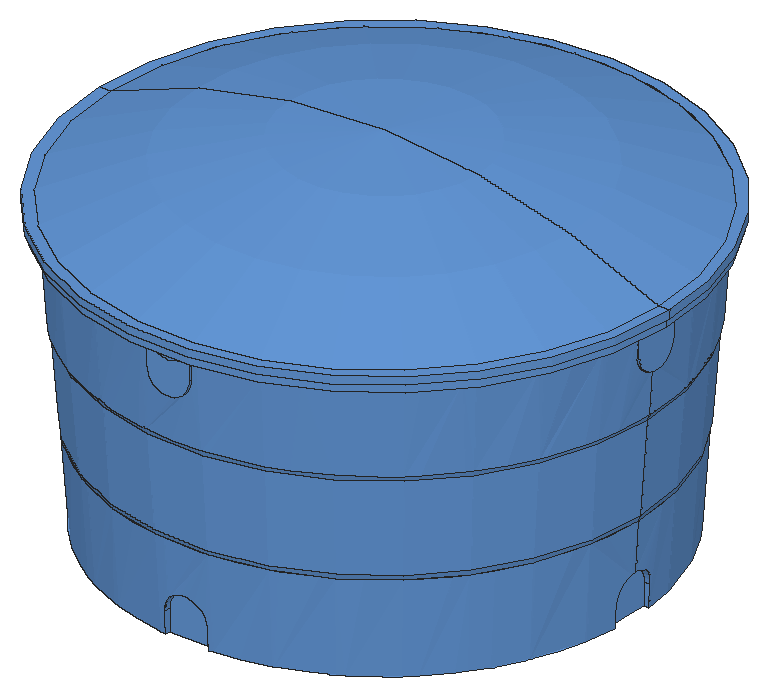
Revit family "Cxa_Agua_1000", category Plumbing Fixtures, Revit 2025
Family settings
  Round Connector Dimension = Use Diameter
  Part Type = Normal
  OmniClass Number = 23.27.29.19.11
  Work Plane-Based = No
  Enable Cutting in Views = No
  Always vertical = Yes
  Cut with Voids When Loaded = No
  Maintain Annotation Orientation = No
  Shared = No
  Room Calculation Point = No
Parameters (values of type "CxAgua_1000")
  Type IFC Predefined Type = "CONNECTOR"
  Material_Caixa = CT_PVC_Azul
  Export Type to IFC As = "IfcPipeFitting"
  Default Elevation = 0.000 m
  URL = "http://amancowavin.com.br/"
  Keynote = "15400"
  Type Comments = "Agua Fria Caixas d'Água"
  Model = ""
  Manufacturer = "Amanco Wavin"
  Description = "Caixa d'Água de Boca Aberta de 1000 Litros"
  Assembly Code = "D2020300"
  Amanco_Vida_Util = 50
  Amanco_Normas = "NBR 14.799 / NBR 14.800 / NBR 5626"
  Amanco_Código_Catálogo = "19212"
Reference planes (m)
  plane 1 "Center (Front/Back)": y = 0
  plane 2 "Base": z = 0
  plane 3 "Center (Left/Right)": x = -0.077842
  plane 4: z = 0.717
  plane 5: z = 0.66125
  plane 6: z = 0.05575
  plane 7 "Topo": z = 0.918992
Forms (m)
  Revolve 1, solid, material "CT_PVC_Azul"
    sketch origin (0, 0, 0) x (-1, 0, 0) y (0, 0, 1)
      loop
        line (0.077842, 0.739) -> (0.077842, 0) -> (0.727842, 0) -> (0.744569, 0.236) -> (0.749301, 0.249) -> (0.76756, 0.481) -> (0.772291, 0.494) -> (0.789842, 0.717) -> (0.817842, 0.717) -> (0.817842, 0.739) -> (0.077842, 0.739)
      axis (0.077842, 0) -> (0.077842, 0.739)
    angle from 0 to 360
  Revolve 2, solid, material "CT_PVC_Azul"
    sketch origin (0, 0, 0) x (-1, 0, 0) y (0, 0, 1)
      loop
        arc (0.797842, 0.759) -> (0.446624, 0.878518) -> (0.077842, 0.919) r 1.7
        line (0.077842, 0.919) -> (0.077842, 0.739) -> (0.825342, 0.739) -> (0.825342, 0.759) -> (0.797842, 0.759)
      axis (0.077842, 0.739) -> (0.077842, 0.919)
    angle from 0 to 360
  Revolve 3, solid, material "CT_PVC_Azul"
    sketch origin (0, 0, 0) x (-1, 0, 0) y (0, 0, 1)
      loop
        line (0.077842, 0.917) -> (0.077842, 0.759) -> (0.797842, 0.759) -> (0.077842, 0.917)
      axis (0.077842, 0.759) -> (0.077842, 0.917)
    angle from 0 to 360
  Extrusion 4, solid, material "CT_PVC_Azul"
    sketch origin (0, 0, 0) x (-1, 0, 0) y (0, 0, 1)
      loop
        line (0.134092, 0.66125) -> (0.134092, 0.717) -> (0.021592, 0.717) -> (0.021592, 0.66125)
        arc (0.021592, 0.66125) -> (0.077842, 0.605) -> (0.134092, 0.66125) r 0.05625
    from -0.709941 to 0.709941
  Extrusion 5, solid, material "CT_PVC_Azul"
    sketch origin (-0.077842, 0, 0) x (0, -1, 0) y (0, 0, 1)
      loop
        arc (-0.05625, 0.66125) -> (0, 0.605) -> (0.05625, 0.66125) r 0.05625
        line (0.05625, 0.66125) -> (0.05625, 0.717) -> (-0.05625, 0.717) -> (-0.05625, 0.66125)
    from -0.712 to 0.712
  Extrusion 6, void
    sketch origin (0, 0, 0) x (-1, 0, 0) y (0, 0, 1)
      loop
        arc (0.134092, 0.05575) -> (0.077842, 0.112) -> (0.021592, 0.05575) r 0.05625
        line (0.021592, 0.05575) -> (0.021592, 0) -> (0.134092, 0) -> (0.134092, 0.05575)
    from 0.635 to 0.712
  Extrusion 7, void
    sketch origin (0, 0, 0) x (-1, 0, 0) y (0, 0, -1)
      loop
        line (0.134092, -0.05575) -> (0.134092, 0) -> (0.021592, 0) -> (0.021592, -0.05575)
        arc (0.021592, -0.05575) -> (0.077842, -0.112) -> (0.134092, -0.05575) r 0.05625
    from 0.635 to 0.712
  Extrusion 8, void
    sketch origin (-0.077842, 0, 0) x (0, -1, 0) y (0, 0, 1)
      loop
        arc (0.05625, 0.05575) -> (0, 0.112) -> (-0.05625, 0.05575) r 0.05625
        line (-0.05625, 0.05575) -> (-0.05625, 0) -> (0.05625, 0) -> (0.05625, 0.05575)
    from 0.635 to 0.712
  Extrusion 9, void
    sketch origin (-0.077842, 0, 0) x (0, -1, 0) y (0, 0, -1)
      loop
        line (0.05625, -0.05575) -> (0.05625, 0) -> (-0.05625, 0) -> (-0.05625, -0.05575)
        arc (-0.05625, -0.05575) -> (0, -0.112) -> (0.05625, -0.05575) r 0.05625
    from 0.635 to 0.712
  Extrusion 10, solid, material "CT_PVC_Azul" <- "Material_Caixa"
    sketch origin (0.011647, 0.635, 0.009717) x (-1, 0, 0) y (0, 0, 1)
      loop
        circle (0.089759, 0.048679) r 0.032
    from 0 to 0.02
  Extrusion 11, void
    sketch origin (0, 0, 0) x (-1, 0, 0) y (0, 0, -1)
      loop
        line (0.134092, -0.05575) -> (0.134092, 0) -> (0.021592, 0) -> (0.021592, -0.05575)
        arc (0.021592, -0.05575) -> (0.077842, -0.112) -> (0.134092, -0.05575) r 0.05625
    from 0.635 to 0.665
  Extrusion 12, solid, material "CT_PVC_Azul" <- "Material_Caixa"
    sketch origin (0.011917, 0.635, 0.612571) x (-1, 0, 0) y (0, 0, 1)
      loop
        circle (0.089759, 0.048679) r 0.032
    from 0.074941 to 0.094941
Cuts and joins
  joined: Revolve 2, Revolve 3
  Extrusion 6, Extrusion 7, Extrusion 8, Extrusion 9, Extrusion 11 cuts Revolve 1
  Extrusion 11 cuts Extrusion 4
  Extrusion 11 cuts Extrusion 5
  joined: Revolve 1, Extrusion 4, Extrusion 5
  Extrusion 11 cuts Extrusion 10
Text (m)
  text "®  Wavin" at (-0.000074, 0.040744, 0), in view "Ref. Level"
Dimensions and locks (m)
  Revolve 1 sketch curve to plane 3 "Center (Left/Right)" = 0.740 m
  Revolve 1 sketch curve to plane 3 "Center (Left/Right)" = 0.712 m
  Revolve 2 sketch curve to plane 3 "Center (Left/Right)" = 0.7475 m
  Revolve 2 sketch curve to plane 3 "Center (Left/Right)" = 0.720 m
  Revolve 3 sketch curve to plane 3 "Center (Left/Right)" = 0.720 m
  equal spacing: Extrusion 4, plane 1 "Center (Front/Back)", Extrusion 4
  equal spacing: Extrusion 5 sketch curve, plane 1 "Center (Front/Back)", Extrusion 5 sketch curve
  Extrusion 5 sketch curve to Extrusion 5 sketch curve = 0.1125 m
  equal spacing: Extrusion 5, plane 3 "Center (Left/Right)", Extrusion 5
  Extrusion 5 to plane 3 "Center (Left/Right)" = 0.712 m
  plane 4 to Extrusion 5 sketch curve = 0.112 m
  equal spacing: Extrusion 4 sketch curve, plane 3 "Center (Left/Right)", Extrusion 4 sketch curve
  Extrusion 4 sketch curve to Extrusion 4 sketch curve = 0.1125 m
  plane 4 to Extrusion 4 sketch curve = 0.112 m
  equal spacing: Extrusion 6 sketch curve, plane 3 "Center (Left/Right)", Extrusion 6 sketch curve
  Extrusion 6 sketch curve to Extrusion 6 sketch curve = 0.1125 m
  Extrusion 6 sketch curve to cut or joined group 1 (Revolve 1, Extrusion 4, Extrusion 5, Extrusion 6, Extrusion 7, Extrusion 8, Extrusion 9, Extrusion 11) = 0.112 m
  Extrusion 7 sketch curve to Extrusion 7 sketch curve = 0.1125 m  (x2)
  Extrusion 6 to Extrusion 7 sketch curve = 0.112 m
  Revolve 1 sketch curve to plane 3 "Center (Left/Right)" = 0.650 m
  equal spacing: Extrusion 8 sketch curve, plane 1 "Center (Front/Back)", Extrusion 8 sketch curve
  Extrusion 8 sketch curve to Extrusion 8 sketch curve = 0.1125 m
  Extrusion 8 sketch curve to level = 0.112 m
  Extrusion 8 to plane 3 "Center (Left/Right)" = 0.635 m
  Extrusion 8 to plane 3 "Center (Left/Right)" = 0.712 m
  Extrusion 9 sketch curve to Extrusion 9 sketch curve = 0.1125 m  (x2)
  Extrusion 9 sketch curve to level = 0.112 m
  plane 3 "Center (Left/Right)" to Extrusion 9 = 0.635 m
  plane 3 "Center (Left/Right)" to Extrusion 9 = 0.712 m
  plane 6 to plane 2 "Base" = 0.05575 m
  locked: plane 7 "Topo" to level at 0.918992
  Extrusion 11 sketch curve to Extrusion 11 sketch curve = 0.1125 m  (x2)
  radius of Revolve 2 sketch curve = 1.700 m
  angle plane 3 "Center (Left/Right)" to Revolve 1 sketch curve = 4.50°  (x2)
  angle plane 3 "Center (Left/Right)" to Revolve 1 sketch curve = 20.00°  (x2)
  aligned and locked: plane 2 "Base" to level
  aligned and locked: Revolve 1 sketch curve to plane 4
  aligned and locked: plane 3 "Center (Left/Right)" to Revolve 1 sketch curve  (x2)
  aligned and locked: level to Revolve 1 sketch curve
  aligned and locked: Revolve 1 sketch curve to plane 3 "Center (Left/Right)"
  aligned and locked: Revolve 2 sketch curve to plane 3 "Center (Left/Right)"  (x2)
  aligned and locked: plane 3 "Center (Left/Right)" to Revolve 3 sketch curve
  aligned and locked: Revolve 3 sketch curve to plane 3 "Center (Left/Right)"
  aligned and locked: Extrusion 5 sketch curve to plane 4
  aligned and locked: Extrusion 4 sketch curve to plane 4
  aligned and locked: level to Extrusion 7 sketch curve
  aligned and locked: level to Extrusion 8 sketch curve
  aligned and locked: level to Extrusion 9 sketch curve
  aligned and locked: plane 1 "Center (Front/Back)" to nested 1
  aligned and locked: plane 3 "Center (Left/Right)" to nested 1
  aligned and locked: level to nested 1
  aligned and locked: cut or joined group 1 to Extrusion 10
  aligned and locked: cut or joined group 1 to Extrusion 12
Automatic sketch dimensions
  Revolve 1 sketch curve to plane 6 = 0.18025 m
  Revolve 1 sketch curve to Revolve 1 sketch curve = 0.016727 m
  Revolve 1 sketch curve to plane 6 = 0.19325 m
  Revolve 1 sketch curve to plane 5 = 0.18025 m
  plane 4 to Revolve 1 sketch curve = 0.022 m
  Revolve 1 sketch curve to Revolve 1 sketch curve = 2.214315 m
  plane 7 "Topo" to Revolve 1 sketch curve = 0.456278 m
  Revolve 2 sketch curve to level = 0.781 m
  Revolve 2 sketch curve to Revolve 2 sketch curve = 0.020 m
  Revolve 2 sketch curve to Revolve 2 sketch curve = 1.433315 m
  Revolve 2 sketch curve to Revolve 2 sketch curve = 0.345621 m
  plane 4 to Revolve 3 sketch curve = 0.042 m
  Revolve 3 sketch curve to plane 7 "Topo" = 0.001992 m
  Revolve 3 sketch curve to level = 2.214315 m
  plane 7 "Topo" to Revolve 3 sketch curve = 0.497644 m
  Extrusion 6 sketch curve to level = 0.000 m
  plane 3 "Center (Left/Right)" to Extrusion 7 sketch curve = 0.000 m
  Extrusion 9 sketch curve to plane 1 "Center (Front/Back)" = 0.000 m
  Extrusion 10 sketch curve to Extrusion 6 = 0.05598 m
  Extrusion 10 sketch curve to Extrusion 6 = 0.058396 m
  Extrusion 11 sketch curve to plane 6 = 0.000 m
  Extrusion 11 sketch curve to level = 0.000 m
  plane 3 "Center (Left/Right)" to Extrusion 11 sketch curve = 0.000 m
  Extrusion 12 sketch curve to Extrusion 6 = 0.05625 m
  Extrusion 12 sketch curve to Extrusion 6 = 0.66125 m
  radius of Extrusion 10 sketch curve = 0.032 m
  radius of Extrusion 12 sketch curve = 0.032 m
Nested families (m)
  nested 1: "AmancoWavin_AcessóriosdoTubo_ZNãoUsarTorneirasdeBoia" at (-0.007439, 0, 0), type "Var.", not visible
    with Type 0, ReferenciadoModelo "0", Product Description "0", Pid 0, NumerodoModelo "0", Norma "NBR 8160/NBR 10844", IsCustom no, Index 0, Grupo  Amanco "", Connection 1 0.000 m, Catalogue Code "0", CCB 0
Connectors (m)
  piping at (-0.078112, 0.655, 0.058396), diameter 0.032
    settings: on Extrusion 10, index 1, connector inside diameter 609.6 mm, connector length 0.000 m, flow factor 0, pipe flow 0.0 L/s, pressure drop 0.0 Pa, fitting loss kfactor 0, connector angle 0.00°, fixture units 0, engagement length 0.000 m, angle of deflection 0.00°, flow configuration 0, flow direction 2, fitting loss method 0, system type 20, joint type 0, gender type 0, connector reference index -1, connector utility 0, adjustable connector no, is connector primary yes, connector description "Saída1"
  piping at (-0.078112, 0.655, 0.058396), diameter 0.032
    settings: on Extrusion 10, index 2, connector inside diameter 609.6 mm, connector length 0.000 m, flow factor 0, pipe flow 0.0 L/s, pressure drop 0.0 Pa, fitting loss kfactor 0, connector angle 0.00°, fixture units 0, engagement length 0.000 m, angle of deflection 0.00°, flow configuration 0, flow direction 2, fitting loss method 0, system type 20, joint type 0, gender type 0, connector reference index -1, connector utility 0, adjustable connector no, is connector primary no, connector description ""
  piping at (-0.077842, 0.729941, 0.66125), diameter 0.02
    settings: on Extrusion 12, index 3, connector inside diameter 609.6 mm, connector length 0.000 m, flow factor 0, pipe flow 0.0 L/s, pressure drop 0.0 Pa, fitting loss kfactor 0, connector angle 0.00°, fixture units 0, engagement length 0.000 m, angle of deflection 0.00°, flow configuration 0, flow direction 1, fitting loss method 0, system type 20, joint type 0, gender type 0, connector reference index -1, connector utility 0, adjustable connector no, is connector primary no, connector description "Entrada 1"
Definition of nested family "AmancoWavin_AcessóriosdoTubo_ZNãoUsarTorneirasdeBoia"
  Parameters (values of type "Var.")
    product_serie = "Agua Fria Caixas d'Água"
    UniClass Version = 2015
    UniClass Title = "Float-operated valves"
    UniClass Number = "65.54.95.29"
    URL = "http://amancowavin.com.br/"
    Type IFC Predefined Type = "CONNECTOR"
    Export Type to IFC As = "IfcPipeFitting"
    Type Comments = "Agua Fria Caixas d'Água"  # constant formula
    Type [instance] = 2
    TipodeAtivo = "Fixo"
    TempoUtil = 50
    Tamanho = "n/a"
    ResponsávelGarantiaTrabalho = "n/a"
    ResponsávelGarantiaPeças = "n/a"
    ReferenciadoModelo [instance] = Catalogue Code  # "93993"
    Produtor = "Amanco Wavin"
    Product Description [instance] = if(CCB = 93993, "TORNEIRA BÓIA METÁLICA COM BÓIA PLÁSTICA 1/2\"", if(CCB = 93994, "TORNEIRA BÓIA METÁLICA COM BÓIA PLÁSTICA 3/4\"", if(CCB = 93995, "TORNEIRA BÓIA METÁLICA COM BÓIA PLÁSTICA 1\"", if(CCB = 93996, "TORNEIRA BÓIA METÁLICA COM BÓIA PLÁSTICA 1.1/2\"", if(CCB = 93997, "TORNEIRA BÓIA METÁLICA COM BÓIA PLÁSTICA 2\"", if(CCB = 18381, "TORNEIRA BÓIA PLÁSTICA 1/2\"", if(CCB = 18382, "TORNEIRA BÓIA PLÁSTICA 3/4\"", if(CCB = 95014, "TORNEIRA BÓIA PLÁSTICA ALTA VAZÃO 1/2\"", if(CCB = 95015, "TORNEIRA BÓIA PLÁSTICA ALTA VAZÃO 3/4\"", "0")))))))))  # "TORNEIRA BÓIA METÁLICA COM BÓIA PLÁSTICA 1/2\""
    Pid [instance] = 0
    OmniClass Version = 2012
    NumerodoModelo [instance] = Product Description  # "TORNEIRA BÓIA METÁLICA COM BÓIA PLÁSTICA 1/2\""
    Norma [instance] = "NBR 8160/NBR 10844"  # constant formula
    Model = ""
    Material = "PVC"
    Manufacturer = "Wavin"  # constant formula
    LOD = "LOD400"  # constant formula
    Keynote = "15100"
    IsCustom [instance] = no
    Index [instance] = 0  # constant formula
    IfcExportType = "CONNECTOR"  # constant formula
    IfcExportAs = "IfcPipeFitting"  # constant formula
    IfcDescription = Description  # "FLOAT VALVE"
    Grupo  Amanco [instance] = ""
    Forma = "n/a"
    DuraçaoUnidade = "Anos"
    DuraçaoGarantiaUnidade = "Anos"
    DuraçaoGarantiaTrabalho = "n/a"
    DuraçaoGarantiaPeças = "n/a"
    DescriçãoGarantia = "n/a"
    Description = "FLOAT VALVE"  # constant formula
    Default Elevation = 0.000 m
    CriadoPela = "Wavin LATAM"
    CriadoEm = "25-06-2020"
    Country = "BRA"  # constant formula
    Cor = "Branco"
    Connection 1 [instance] = 0.0127 m
    Componentes = "n/a"
    Classe = "n/a"
    Catalogue Code [instance] = if(CCB = 93993, "93993", if(CCB = 93994, "93994", if(CCB = 93995, "93995", if(CCB = 93996, "93996", if(CCB = 93997, "93997", if(CCB = 18381, "18381", if(CCB = 18382, "18382", if(CCB = 95014, "95014", if(CCB = 95015, "95015", "0")))))))))  # "93993"
    Caracteristicas = "n/a"
    CCB [instance] = size_lookup("RT Boias", "CCB", 0, Connection 1, Type)  # 93993
    Assembly Code = "D2020100"
    Acabamento = "n/a"
  Reference planes (m)
    plane 1 "Center (Front/Back)": y = 0
    plane 2: z = 0
    plane 3 "Center (Left/Right)": x = -0.070403
  Text (m)
    text "®  Wavin" at (-0.000074, 0.040744, 0), in view "Ref. Level"
  Dimensions and locks (m)
    aligned and locked: level to plane 2
